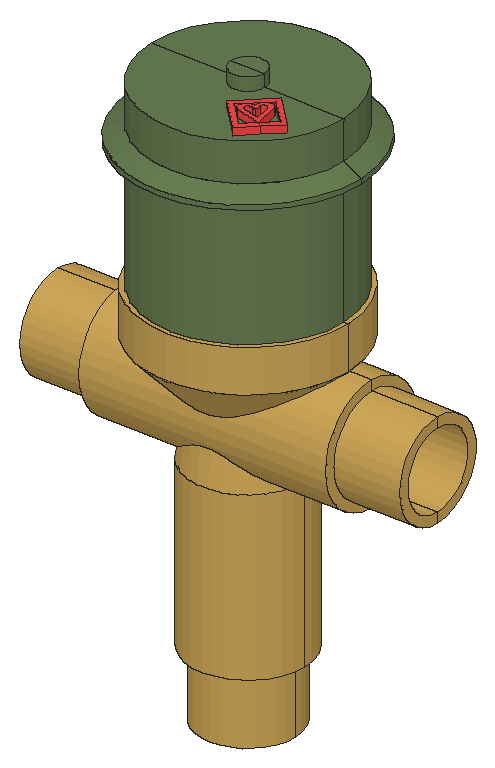
Revit family "HERZ Drinking Water Mixing Valve With Bottom Mixing Outlet 7766 54", category Rohrzubehör, Revit 2021
Family settings
  Bemaßung runder Anschluss = Durchmesser verwenden
  Teiletyp = Unterbricht
  OmniClass-Nummer = 23.65.55.14
  OmniClass-Titel = Valves for Liquid Services
  Arbeitsebenenbasiert = Nein
  Immer vertikal = Ja
  Beim Laden mit Abzugskörper schneiden = Nein
  Gemeinsam genutzt = Nein
Parameters
  Vorgabe-Ansicht = 0 mm
  Spring = "stainless steel 1.4310"  # constant formula
  Spindle = "DZR brass CW626N"  # constant formula
  Mixed water temperature hysteresis = "+-2°C"  # constant formula
  Part number = 2776654  # constant formula
  Operation = "The thermostatic mixing valve 7766 TMV is used in systems with heated drinking water.\r\nIrrespective of pressure or temperature changes of the cold and hot water to be mixed in the valve, the mixed water is constantly regulated to the preset temperature and flow rate value.\r\nThe thermostatic valve works completely independently and without auxiliary energy.\r\nThe value of the desired mixing temperature, which is preset once after installation, is kept constant within a control hysteresis."
  Note = "Pursuant to Article 33 of the REACH Regulation (EC No. 1907/2006), we are obliged to point out that the material lead is listed on the SVHC list and that all brass components manufactured in our products exceed 0.1% (w / w) lead (CAS: 7439-92-1 / EINECS: 231-100-4).\r\nSince lead is a component part of an alloy, actual exposure is not possible and therefore no additional information on safe use is necessary."
  Min. overheat of hot water compared to mixing water = 15 °C  # constant formula
  Min. flow = 0.07 L/s  # constant formula
  Min. cold water inlet temperature range = "5 °C - 25 °C"  # constant formula
  Max. hot water inlet temperature = 85 °C  # constant formula
  Max. dynamic pressure = "0.2 - 6 bar"  # constant formula
  URL = "www.herzvalves.com"
  Set value = "35 °C - 50 °C"  # constant formula
  Safety note = "Please note that the applied valve is a safety valve.\r\nIt is recommended to replace it in every 5 years.\r\nLocal standards and regulations have to be followed"
  SCTWSEQ = "AW;SBT_TYP_AW=\"104\";3"
  SCTWCODE = "04;18;03"  # constant formula
  S02 = H07 - H01 - H05  # 38.4 mm
  S01 = H00 - H01  # 61 mm
  R07 = 3.5 mm  # constant formula
  R06 = 24 mm  # constant formula
  R05 = 20.3 mm  # constant formula
  R04 = 24 mm  # constant formula
  R03 = R02 + 2 mm  # 12 mm
  R02 = Nennweite / 2  # 10 mm
  R01 = 8 mm  # constant formula
  Nennweite = 20 mm  # constant formula
  Mixing temperature (factory setting) = 45 °C  # constant formula
  Medium = "Water"  # constant formula
  LO1 = H07 - H05  # 59.4 mm
  L02 = 21.3 mm  # constant formula
  L01 = 12 mm  # constant formula
  L00 = 40 mm  # constant formula
  Internal parts = "DZR brass CW626N"  # constant formula
  Hersteller = "HERZ Armaturen Ges.m.b.H."  # constant formula
  Hand wheel = "ABS"  # constant formula
  H08 = 8 mm  # constant formula
  H07 = 62 mm  # constant formula
  H06 = 25.4 mm  # constant formula
  H05 = 2.6 mm  # constant formula
  H04 = 35 mm  # constant formula
  H03 = 14 mm  # constant formula
  H02 = 9 mm  # constant formula
  H01 = 21 mm  # constant formula
  H00 = 82 mm  # constant formula
  Flow at 3 bar = 0.7 L/s  # constant formula
  Sealing = "EPDM"  # constant formula
  Max. static pressure = 1000000.0 Pa  # constant formula
  Connection thread = "flat sealing, G 3/4"  # constant formula
  Body = "DZR brass CC752S"  # constant formula
Reference planes
  plane 1 "Mitte (Vorne/hinten)": y = 0
  plane 2: z = 0
  plane 3 "Mitte (Links/rechts)": x = 0
Forms (mm)
  Revolve 1, solid, material "Kunststoff GRÜN", detail levels fine
    sketch origin (-2.352, 0, -141.797) x (1, 0, 0) y (0, 0, 1)
      loop
        line (-1.148, 201.197) -> (-17.948, 201.197) -> (-17.948, 193.197) -> (-21.648, 191.197) -> (-21.648, 190.197) -> (-17.948, 188.197) -> (-17.948, 162.797) -> (2.352, 162.797) -> (2.352, 203.797) -> (-1.148, 203.797) -> (-1.148, 201.197)
      axis (2.352, 203.797) -> (2.352, 162.797)
    angle from 0 to 360
  Revolve 2, solid, material "Messing, weicher Gelbton, geschweißt", detail levels fine
    sketch origin (101.455, 0, 0) x (1, 0, 0) y (0, 0, 1)
      loop
        line (-101.455, -49) -> (-101.455, 21) -> (-122.755, 21) -> (-122.755, 12) -> (-111.455, 0) -> (-113.455, -12) -> (-113.455, -47) -> (-111.455, -47) -> (-111.455, -61) -> (-109.455, -61) -> (-109.455, -49) -> (-101.455, -49)
      axis (-101.455, 21) -> (-101.455, -61)
    angle from 0 to 360
  Revolve 3, solid, material "Messing, weicher Gelbton, geschweißt", detail levels fine
    sketch origin (-28, 0, 0) x (1, 0, 0) y (0, 0, 1)
      loop
        line (56, 8) -> (68, 8) -> (68, 10) -> (54, 10) -> (54, 12) -> (2, 12) -> (2, 10) -> (-12, 10) -> (-12, 8) -> (0, 8) -> (0, 0) -> (56, 0) -> (56, 8)
      axis (-12, 0) -> (68, 0)
    angle from 0 to 360
Lines and regions (mm)
  model lines, detail levels coarse+medium
    curve 1: line (-40, 0, 10) -> (-40, 0, -10)
    curve 2: line (-40, 0, -10) -> (40, 0, 10)
    curve 3: line (40, 0, 10) -> (40, 0, -10)
    curve 4: line (40, 0, -10) -> (-40, 0, 10)
    curve 5: line (0, 0, 0) -> (10, 0, -61)
    curve 6: line (10, 0, -61) -> (-10, 0, -61)
    curve 7: line (-10, 0, -61) -> (0, 0, 0)
    curve 8: line (0, 0, 0) -> (0, 0, 21)
    curve 9: line (-20.3, 0, 21) -> (20.3, 0, 21)
    curve 10: line (20.3, 0, 21) -> (20.3, 0, 59.4)
    curve 11: line (20.3, 0, 59.4) -> (-20.3, 0, 59.4)
    curve 12: line (-20.3, 0, 59.4) -> (-20.3, 0, 21)
    curve 13: line (20.3, 0, 59.4) -> (-20.3, 0, 21)
    curve 14: line (-20.3, 0, 59.4) -> (20.3, 0, 21)
    curve 15: line (-40, 10, 0) -> (-40, -10, 0)
    curve 16: line (-40, -10, 0) -> (40, 10, 0)
    curve 17: line (40, 10, 0) -> (40, -10, 0)
    curve 18: line (40, -10, 0) -> (-40, 10, 0)
    curve 19: line (0, 0, 0) -> (-10, -61, 0)
    curve 20: line (-10, -61, 0) -> (10, -61, 0)
    curve 21: line (10, -61, 0) -> (0, 0, 0)
    curve 22: line (0, 0, 0) -> (0, 21, 0)
    curve 23: line (-20.3, 21, 0) -> (20.3, 21, 0)
    curve 24: line (20.3, 21, 0) -> (20.3, 59.4, 0)
    curve 25: line (20.3, 59.4, 0) -> (-20.3, 59.4, 0)
    curve 26: line (-20.3, 59.4, 0) -> (-20.3, 21, 0)
    curve 27: line (20.3, 59.4, 0) -> (-20.3, 21, 0)
    curve 28: line (-20.3, 59.4, 0) -> (20.3, 21, 0)
Dimensions and locks
  "L00": Revolve 3 sketch curve to plane 3 "Mitte (Links/rechts)" to Revolve 3 sketch curve
  "L01": Revolve 3 sketch curve to Revolve 3 sketch curve  (x2)
  "R01": Revolve 3 sketch curve to Revolve 3 sketch curve  (x2)
  "R02": Revolve 3 sketch curve to Revolve 3 sketch curve
  "L02": Revolve 2 sketch curve to Revolve 2 sketch curve
  "H02": Revolve 2 sketch curve to Revolve 2 sketch curve
  "R02": Revolve 2 sketch curve to Revolve 2 sketch curve  (x2)
  "H01": Revolve 2 sketch curve to plane 2
  "H00": Revolve 2 sketch curve to Revolve 2 sketch curve
  "H03": Revolve 2 sketch curve to Revolve 2 sketch curve
  "R03": Revolve 2 sketch curve to Revolve 2 sketch curve
  "H04": Revolve 2 sketch curve to Revolve 2 sketch curve
  "R01": Revolve 2 sketch curve to Revolve 2 sketch curve
  "L01": Revolve 2 sketch curve to Revolve 2 sketch curve
  "H03": Revolve 3 sketch curve to Revolve 3 sketch curve  (x2)
  "R03": Revolve 3 sketch curve to Revolve 3 sketch curve
  "R05": Revolve 1 sketch curve to Revolve 1 sketch curve  (x2)
  "H07": Revolve 1 sketch curve to plane 2
  "H05": Revolve 1 sketch curve to Revolve 1 sketch curve
  "H06": Revolve 1 sketch curve to Revolve 1 sketch curve
  "H08": Revolve 1 sketch curve to Revolve 1 sketch curve
  "R06": Revolve 1 sketch curve to Revolve 1 sketch curve
  "R07": Revolve 1 sketch curve to Revolve 1 sketch curve
  "R02": curve 4 to plane 2 to curve 2
  "R02": curve 3 to plane 2 to curve 4
  "L00": curve 1 to plane 3 "Mitte (Links/rechts)" to curve 3
  "R02": curve 6 to plane 3 "Mitte (Links/rechts)" to curve 7
  "S01": plane 2 to curve 6
  "H01": curve 8 to plane 2
  "S02": curve 11 to Revolve 1
  "R05": curve 12 to plane 3 "Mitte (Links/rechts)" to curve 10
  "L00": curve 15 to plane 3 "Mitte (Links/rechts)" to curve 17
  "R02": curve 16 to plane 1 "Mitte (Vorne/hinten)" to curve 18
  "R02": curve 18 to plane 1 "Mitte (Vorne/hinten)" to curve 17
  "R02": curve 20 to plane 3 "Mitte (Links/rechts)" to curve 21
  "S01": curve 20 to plane 1 "Mitte (Vorne/hinten)"
  "H01": plane 1 "Mitte (Vorne/hinten)" to curve 22
  "S02": curve 23 to curve 25
  "R05": curve 26 to plane 3 "Mitte (Links/rechts)" to curve 24
  "LO1": nested 1 to plane 2
  aligned and locked: level to plane 2
Automatic sketch dimensions
  curve 5 to level = 0 mm
  curve 8 to level = 0 mm
  plane 1 "Mitte (Vorne/hinten)" to curve 19 = 0 mm
  plane 1 "Mitte (Vorne/hinten)" to curve 22 = 0 mm
  Revolve 1 sketch curve to plane 3 "Mitte (Links/rechts)" = 0 mm  (x2)
  Revolve 1 sketch curve to Revolve 1 sketch curve = 2 mm  (x2)
  Revolve 1 sketch curve to Revolve 1 sketch curve = 1 mm
  Revolve 1 sketch curve to level = 366.045 mm
  Revolve 1 sketch curve to Revolve 1 sketch curve = 2152.315 mm
  Revolve 2 sketch curve to level = 0 mm
  Revolve 2 sketch curve to plane 3 "Mitte (Links/rechts)" = 0 mm  (x2)
  Revolve 2 sketch curve to Revolve 2 sketch curve = 0 mm
  Revolve 2 sketch curve to Revolve 2 sketch curve = 2193.315 mm
  Revolve 3 sketch curve to level = 0 mm  (x2)
  Revolve 3 sketch curve to Revolve 3 sketch curve = 2 mm
  Revolve 3 sketch curve to Revolve 3 sketch curve = 0 mm  (x2)
Nested families
  nested 1: "Herz-Logo" at (9.58, -9.58, 59.4) x (0.7071, 0.7071, 0) z (0, 0, 1), type "Herz-Logo", detail levels fine
Connectors
  piping at (-40, 0, 0), diameter 20, driven by "Nennweite"
    settings: on Revolve 3, index 1, connector inside diameter 609.6 mm, connector length 0 mm, flow factor 0, pipe flow 0.0 L/s, pressure drop 0.0 Pa, fitting loss kfactor 0, connector angle 0.00°, fixture units 0, engagement length 0 mm, angle of deflection 0.00°, flow configuration 0, flow direction 1, fitting loss method 0, system type 20, joint type 0, gender type 0, connector reference index -1, connector utility 0, adjustable connector no, is connector primary yes, connector description ""
  piping at (40, 0, 0), diameter 20, driven by "Nennweite"
    settings: on Revolve 3, index 2, connector inside diameter 609.6 mm, connector length 0 mm, flow factor 0, pipe flow 0.0 L/s, pressure drop 0.0 Pa, fitting loss kfactor 0, connector angle 0.00°, fixture units 0, engagement length 0 mm, angle of deflection 0.00°, flow configuration 0, flow direction 1, fitting loss method 0, system type 19, joint type 0, gender type 0, connector reference index -1, connector utility 0, adjustable connector no, is connector primary no, connector description ""
  piping at (0, 0, -61), diameter 20, driven by "Nennweite"
    settings: on Revolve 2, index 3, connector inside diameter 609.6 mm, connector length 0 mm, flow factor 0, pipe flow 0.0 L/s, pressure drop 0.0 Pa, fitting loss kfactor 0, connector angle 0.00°, fixture units 0, engagement length 0 mm, angle of deflection 0.00°, flow configuration 0, flow direction 2, fitting loss method 0, system type 29, joint type 0, gender type 0, connector reference index -1, connector utility 0, adjustable connector no, is connector primary no, connector description ""
Definition of nested family "Herz-Logo"
  Parameters (values of type "Herz-Logo")
    Default Elevation = 0 mm
  Reference planes
    plane 1 "Mitte (Vorne/hinten)": y = 0
    plane 2: z = 0
    plane 3 "Mitte (Links/rechts)": x = 0
  Forms (mm)
    Extrusion 1, solid
      sketch origin (0, 0, 0) x (1, 0, 0) y (0, 1, 0)
        loop
          line (-0.018, -4.517) -> (4.482, -4.517) -> (4.482, 4.483) -> (-4.518, 4.483) -> (-4.518, -4.517) -> (-0.018, -4.517)
        loop
          line (-0.05, -3.48) -> (3.482, -3.48) -> (3.482, 3.483) -> (-3.518, 3.483) -> (-3.518, -3.48) -> (-0.05, -3.48)
        loop
          arc (-0.018, 2.383) -> (-1.543, 3.287) -> (-3.067, 2.383) r 1.738
          arc (-3.067, 2.383) -> (-3.191, 1.899) -> (-3.067, 1.415) r 1.009
          line (-3.067, 1.415) -> (-0.018, -3.281) -> (3.032, 1.415)
          arc (3.032, 1.415) -> (3.156, 1.899) -> (3.032, 2.383) r 1.009
          arc (3.032, 2.383) -> (1.507, 3.287) -> (-0.018, 2.383) r 1.738
        loop
          arc (1.885, 1.272) -> (2.005, 1.675) -> (1.885, 2.079) r 0.74
          arc (1.885, 2.079) -> (1.265, 2.416) -> (0.644, 2.079) r 0.74
          line (0.644, 2.079) -> (-0.018, 0.97) -> (-0.679, 2.079)
          arc (-0.679, 2.079) -> (-1.3, 2.416) -> (-1.921, 2.079) r 0.74
          arc (-1.921, 2.079) -> (-2.04, 1.675) -> (-1.921, 1.272) r 0.74
          line (-1.921, 1.272) -> (-0.018, -1.658) -> (1.885, 1.272)
      from 0 to 1.5
  Dimensions and locks
    aligned and locked: level to plane 2
